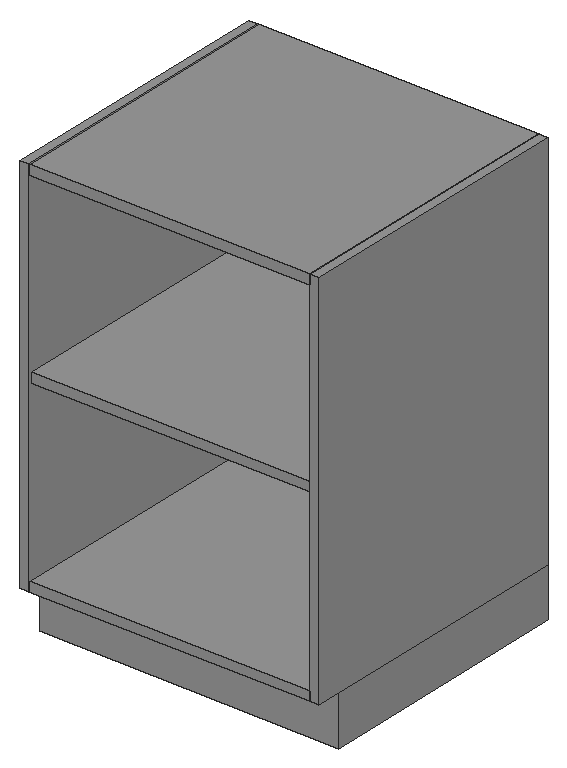
Revit family "TMI - B1050 - Base_Open1", category Casework, Revit 2016
Family settings
  OmniClass Number = 23.40.35.14.11
  OmniClass Title = Modular Casework
  Work Plane-Based = No
  Always vertical = Yes
  Cut with Voids When Loaded = No
  Shared = No
  Room Calculation Point = No
Parameters (values of type "24" x 36" x 23"")
  Vertical [instance] = no
  URL = "www.tmisystems.com"
  Two Shelves [instance] = Shelf Quantity = 2  # no
  Toe Kick Height = 4"
  Toe Kick Depth = 2"
  Three Shelves [instance] = Shelf Quantity = 3  # no
  Shelf Thickness = 3/4"
  Shelf Quantity [instance] = 1
  One Vertical [instance] = Vertical  # no
  One Shelf [instance] = Shelf Quantity = 1  # yes
  Model = "B1050"
  Manufacturer = "TMI Systems Corporation"
  Interior Finish = none
  Filler Width (Left) [instance] = 3"
  Filler Right [instance] = no
  Filler Left [instance] = no
  Filler Width (Right) [instance] = 3"
  Description = "Base, Open, Adj. Shelf"
  Depth = 23"
  Height = Countertop Height - Countertop Thickness  # 34 3/4"
  Width = 24"
  Countertop Thickness = 1 1/4"
  Countertop Height = 36"
  Casework Thickness = 3/4"
  Casework Back Thickness = 1/4"
  Cabinet Finish = Plastic Laminate
  Assembly Code = ""
Types (9): name | Width
  24" x 36" x 23" | 24"
  27" x 36" x 23" | 27"
  30" x 36" x 23" | 30"
  33" x 36" x 23" | 33"
  36" x 36" x 23" | 36"
  21" x 36" x 23" | 21"
  18" x 36" x 23" | 18"
  15" x 36" x 23" | 15"
  12" x 36" x 23" | 12"
Reference planes (in)
  plane 1 "Back": y = -1
  plane 2: z = 0
  plane 3 "Center (Left/Right)": x = 0.7377
  plane 4 "Left": x = -11.2623
  plane 5 "Right": x = 12.7377
  plane 6 "Front": y = -24
  plane 7 "Top": z = 34.75
  plane 8: y = -2
  plane 9: x = -10.5123
  plane 10: x = 11.9877
  plane 11: z = 34
  plane 12: x = -14.2623
  plane 13: x = 15.7377
  plane 14: y = -1.75
  plane 15: y = -22
  plane 16: z = 4
  plane 17: z = 4.75
  plane 18: z = 8.75
  plane 19: z = 30
  plane 20: x = 0.3627
  plane 21: x = 1.1127
  plane 22: z = 19
  plane 23: z = 27.25
  plane 24: z = 11.5
  plane 25: z = 12.25
  plane 26: z = 19.75
  plane 27: z = 26.5
  plane 28: z = 24.75
  plane 29: z = 14.75
  plane 30: z = 14
  plane 31: z = 24
  plane 32: y = -23.25
  plane 33: y = -23.875
  plane 34: y = -22.875
  plane 35: y = -21.25
Forms (in)
  Extrusion 1, solid, material "Plastic Laminate" <- "Cabinet Finish"
    sketch origin (0, 0.21844, 0) x (1, 0, 0) y (0, 1, 0)
      loop
        line (-11.2623, -1.21844) -> (-11.2623, -24.21844) -> (-10.5123, -24.21844) -> (-10.5123, -1.21844) -> (-11.2623, -1.21844)
      loop
        line (11.9877, -1.21844) -> (11.9877, -24.21844) -> (12.7377, -24.21844) -> (12.7377, -1.21844) -> (11.9877, -1.21844)
    from 4 to 34.75
  Extrusion 2, solid, material "Plastic Laminate" <- "Cabinet Finish"
    sketch origin (0.05747, 11.94613, 0) x (1, 0, 0) y (0, 0, 1)
      loop
        line (-10.56976, 4.75) -> (-10.56976, 4) -> (11.93024, 4) -> (11.93024, 4.75) -> (-10.56976, 4.75)
      loop
        line (-10.56976, 34.75) -> (-10.56976, 34) -> (11.93024, 34) -> (11.93024, 34.75) -> (-10.56976, 34.75)
    from 12.94613 to 35.94613
  Extrusion 3, solid, material "Plastic Laminate" <- "Cabinet Finish"
    sketch origin (0, 0, 0) x (1, 0, 0) y (0, 1, 0)
      loop
        line (-10.5123, -1.75) -> (-10.5123, -2) -> (11.9877, -2) -> (11.9877, -1.75) -> (-10.5123, -1.75)
    from 34.379 to 4.37931
  Extrusion 4, solid, material "Plastic Laminate" <- "Cabinet Finish", visible <- "Filler Right"
    sketch origin (0, -24, 0) x (1, 0, 0) y (0, 0, 1)
      loop
        line (12.7377, 34.75) -> (12.7377, 4) -> (15.7377, 4) -> (15.7377, 34.75) -> (12.7377, 34.75)
    from -0.75 to 0
  Extrusion 5, solid, material "Plastic Laminate" <- "Cabinet Finish", visible <- "Filler Left"
    sketch origin (0, -24, 0) x (1, 0, 0) y (0, 0, 1)
      loop
        line (-14.2623, 34.75) -> (-14.2623, 4) -> (-11.2623, 4) -> (-11.2623, 34.75) -> (-14.2623, 34.75)
    from -0.75 to 0
  Extrusion 6, solid, material "Wood"
    sketch origin (-11.2623, 0, 0) x (0, -1, 0) y (0, 0, 1)
      loop
        line (1, 34) -> (1, 30) -> (1.75, 30) -> (1.75, 34) -> (1, 34)
      loop
        line (1, 8.75) -> (1, 4.75) -> (1.75, 4.75) -> (1.75, 8.75) -> (1, 8.75)
    from -23.25 to -0.75
  Extrusion 7, solid, material "Wood"
    sketch origin (0, 0, 0) x (1, 0, 0) y (0, 0, 1)
      loop
        line (12.7377, 4) -> (-11.2623, 4) -> (-11.2623, 0) -> (12.7377, 0) -> (12.7377, 4)
    from 1 to 22
  Extrusion 8, solid, material "Wood", visible <- "Filler Right"
    sketch origin (0, 0, 0) x (1, 0, 0) y (0, 0, 1)
      loop
        line (15.7377, 4) -> (12.7377, 4) -> (12.7377, 0) -> (15.7377, 0) -> (15.7377, 4)
    from 21.25 to 22
  Extrusion 9, solid, material "Wood", visible <- "Filler Left"
    sketch origin (0, 0, 0) x (1, 0, 0) y (0, 0, 1)
      loop
        line (-11.2623, 4) -> (-14.2623, 4) -> (-14.2623, 0) -> (-11.2623, 0) -> (-11.2623, 4)
    from 21.25 to 22
  Extrusion 10, solid, material "Plastic Laminate" <- "Cabinet Finish", visible <- "Three Shelves"
    sketch origin (0, -24, 0) x (1, 0, 0) y (0, 0, 1)
      loop
        line (-10.5123, 27.25) -> (-10.5123, 26.5) -> (11.9877, 26.5) -> (11.9877, 27.25) -> (-10.5123, 27.25)
      loop
        line (-10.5123, 19.75) -> (-10.5123, 19) -> (11.9877, 19) -> (11.9877, 19.75) -> (-10.5123, 19.75)
      loop
        line (-10.5123, 12.25) -> (-10.5123, 11.5) -> (11.9877, 11.5) -> (11.9877, 12.25) -> (-10.5123, 12.25)
    from -22 to -0.125
  Extrusion 11, solid, material "Plastic Laminate" <- "Cabinet Finish", visible <- "Two Shelves"
    sketch origin (0, -24, 0) x (1, 0, 0) y (0, 0, 1)
      loop
        line (-10.5123, 24.75) -> (-10.5123, 24) -> (11.9877, 24) -> (11.9877, 24.75) -> (-10.5123, 24.75)
      loop
        line (-10.5123, 14.75) -> (-10.5123, 14) -> (11.9877, 14) -> (11.9877, 14.75) -> (-10.5123, 14.75)
    from -22 to -0.125
  Extrusion 12, solid, material "Plastic Laminate" <- "Cabinet Finish", visible <- "One Shelf"
    sketch origin (0, -24, 0) x (1, 0, 0) y (0, 0, 1)
      loop
        line (-10.5123, 19.75) -> (-10.5123, 19) -> (11.9877, 19) -> (11.9877, 19.75) -> (-10.5123, 19.75)
    from -22 to -0.125
  Extrusion 13, solid, material "Plastic Laminate" <- "Cabinet Finish", visible <- "One Vertical"
    sketch origin (0, -1, 0) x (1, 0, 0) y (0, 0, 1)
      loop
        line (0.3627, 34) -> (0.3627, 4.75) -> (1.1127, 4.75) -> (1.1127, 34) -> (0.3627, 34)
    from 1 to 23
Lines and regions (in)
  Masking region 1
    outline origin (0, 0, 0) x (1, 0, 0) y (0, 1, 0)
      loop
        line (-11.2623, -1) -> (-11.2623, -24) -> (12.7377, -24) -> (12.7377, -1) -> (-11.2623, -1)
  Masking region 2, visible <- "Filler Left"
    outline origin (0, 0, 0) x (1, 0, 0) y (0, 1, 0)
      loop
        line (-14.2623, -21.25) -> (-14.2623, -24) -> (-11.2623, -24) -> (-11.2623, -21.25) -> (-14.2623, -21.25)
  Masking region 3, visible <- "Filler Right"
    outline origin (0, 0, 0) x (1, 0, 0) y (0, 1, 0)
      loop
        line (12.7377, -21.25) -> (12.7377, -24) -> (15.7377, -24) -> (15.7377, -21.25) -> (12.7377, -21.25)
  symbolic lines, style "CaseworkHiddenLines"
    curve 1: line (0.8002, -24, 0) -> (0.6752, -24, 0)
    curve 14: line (0.6752, -24, 4) -> (0.8002, -24, 4)
  symbolic lines, style "CaseworkHiddenLines", visible <- "Three Shelves"
    curve 2: line (-11.2623, -2, 12.25) -> (-11.2623, -22.375, 12.25)
    curve 3: line (-11.2623, -22.375, 11.5) -> (-11.2623, -2, 11.5)
    curve 4: line (-11.2623, -2.49447, 19.75) -> (-11.2623, -22.375, 19.75)
    curve 5: line (-11.2623, -22.375, 19) -> (-11.2623, -2, 19)
    curve 6: line (-11.2623, -2, 27.25) -> (-11.2623, -22.375, 27.25)
    curve 7: line (-11.2623, -22.375, 26.5) -> (-11.2623, -2, 26.5)
    curve 25: line (-11.2623, -2, 27.25) -> (-11.2623, -23.875, 27.25)
    curve 26: line (-11.2623, -23.875, 27.25) -> (-11.2623, -23.875, 26.5)
    curve 27: line (-11.2623, -23.875, 26.5) -> (-11.2623, -2, 26.5)
    curve 31: line (-11.2623, -2, 19.75) -> (-11.2623, -23.875, 19.75)
    curve 32: line (-11.2623, -23.875, 19.75) -> (-11.2623, -23.875, 19)
    curve 33: line (-11.2623, -23.875, 19) -> (-11.2623, -2, 19)
    curve 37: line (-11.2623, -2, 12.25) -> (-11.2623, -23.875, 12.25)
    curve 38: line (-11.2623, -23.875, 12.25) -> (-11.2623, -23.875, 11.5)
    curve 39: line (-11.2623, -23.875, 11.5) -> (-11.2623, -2, 11.5)
  symbolic lines, style "CaseworkHiddenLines", visible <- "Two Shelves"
    curve 8: line (-11.2623, -2, 14.75) -> (-11.2623, -22.375, 14.75)
    curve 9: line (-11.2623, -22.375, 14) -> (-11.2623, -2, 14)
    curve 10: line (-11.2623, -2, 24.75) -> (-11.2623, -22.375, 24.75)
    curve 11: line (-11.2623, -22.375, 24) -> (-11.2623, -2, 24)
    curve 28: line (-11.2623, -2, 24.75) -> (-11.2623, -23.875, 24.75)
    curve 29: line (-11.2623, -23.875, 24.75) -> (-11.2623, -23.875, 24)
    curve 30: line (-11.2623, -23.875, 24) -> (-11.2623, -2, 24)
    curve 34: line (-11.2623, -2, 14.75) -> (-11.2623, -23.875, 14.75)
    curve 35: line (-11.2623, -23.875, 14.75) -> (-11.2623, -23.875, 14)
    curve 36: line (-11.2623, -23.875, 14) -> (-11.2623, -2, 14)
  symbolic lines, style "CaseworkHiddenLines", visible <- "One Shelf"
    curve 12: line (-11.2623, -2, 19.75) -> (-11.2623, -22.375, 19.75)
    curve 13: line (-11.2623, -22.375, 19) -> (-11.2623, -2, 19)
    curve 40: line (-11.2623, -2, 19.75) -> (-11.2623, -23.875, 19.75)
    curve 41: line (-11.2623, -23.875, 19.75) -> (-11.2623, -23.875, 19)
    curve 42: line (-11.2623, -23.875, 19) -> (-11.2623, -2, 19)
  symbolic lines
    curve 15: line (-11.2623, -1, 34.75) -> (-11.2623, -24, 34.75)
    curve 16: line (-11.2623, -1, 34) -> (-11.2623, -1, 34.75)
    curve 17: line (-11.2623, -24, 34) -> (-11.2623, -2, 34)
    curve 18: line (-11.2623, -24, 34.75) -> (-11.2623, -24, 34)
    curve 19: line (-11.2623, -1, 4.75) -> (-11.2623, -1.75, 4.75)
    curve 20: line (-11.2623, -1, 4) -> (-11.2623, -1, 4.75)
    curve 21: line (-11.2623, -24, 4) -> (-11.2623, -1, 4)
    curve 22: line (-11.2623, -24, 4.75) -> (-11.2623, -24, 4)
    curve 23: line (-11.2623, -1.75, 34) -> (-11.2623, -1, 34)
    curve 24: line (-11.2623, -2, 4.75) -> (-11.2623, -24, 4.75)
Dimensions and locks (in)
  "Width": plane 4 "Left" to plane 5 "Right"
  equal spacing: plane 4 "Left", plane 3 "Center (Left/Right)", plane 5 "Right"  (x2)
  "Casework Thickness": plane 4 "Left" to plane 9
  "Casework Thickness": plane 10 to plane 5 "Right"
  "Casework Thickness": plane 7 "Top" to plane 11
  "Filler Width (Right)": plane 5 "Right" to plane 13
  "Filler Width (Left)": plane 12 to plane 4 "Left"
  "Shelf Thickness": curve 2 to curve 3
  "Shelf Thickness": curve 4 to curve 5
  "Shelf Thickness": curve 6 to curve 7
  "Shelf Thickness": curve 8 to curve 9
  "Shelf Thickness": curve 10 to curve 11
  "Shelf Thickness": curve 12 to curve 13
  "Depth": plane 6 "Front" to plane 1 "Back"
  "Casework Back Thickness": plane 14 to plane 8
  locked: plane 14 to plane 1 "Back" at 0.75
  "Toe Kick Height": plane 16 to level
  "Casework Thickness": plane 17 to plane 16
  "Height": plane 7 "Top" to level
  locked: plane 19 to plane 11 at 4
  locked: plane 17 to plane 18 at 4
  equal spacing: plane 17, curve 12, plane 7 "Top"
  equal spacing: plane 17, curve 8, curve 10, plane 7 "Top"
  equal spacing: plane 17, curve 2, curve 4, curve 6, plane 7 "Top"
  locked: plane 11 to Extrusion 3 at 0.379
  locked: plane 17 to Extrusion 3 at 0.37069
  "Toe Kick Depth": plane 6 "Front" to plane 15
  equal spacing: plane 21, plane 3 "Center (Left/Right)", plane 20
  "Casework Thickness": plane 21 to plane 20
  equal spacing: plane 7 "Top", plane 23, plane 26, plane 25, plane 17
  "Shelf Thickness": plane 23 to plane 27
  "Shelf Thickness": plane 26 to plane 22
  "Shelf Thickness": plane 25 to plane 24
  "Shelf Thickness": plane 28 to plane 31
  "Shelf Thickness": plane 29 to plane 30
  equal spacing: plane 7 "Top", plane 28, plane 29, plane 17
  plane 4 "Left" to plane 5 "Right" = 24"
  plane 33 to plane 6 "Front" = 1/8"
  plane 34 to plane 33 = 1"
  locked: plane 35 to plane 15 at 0.75
  locked: plane 6 "Front" to plane 32 at 0.75
  aligned and locked: plane 2 to level
  aligned and locked: Extrusion 1 sketch curve to plane 4 "Left"
  aligned and locked: Extrusion 1 sketch curve to plane 9
  aligned and locked: Extrusion 1 sketch curve to plane 10
  aligned and locked: plane 5 "Right" to Extrusion 1 sketch curve
  aligned and locked: plane 7 "Top" to Extrusion 2 sketch curve
  aligned and locked: Extrusion 2 sketch curve to plane 11
  aligned and locked: Extrusion 1 to plane 1 "Back"  (x2)
  aligned and locked: plane 10 to Extrusion 3 sketch curve
  aligned and locked: plane 9 to Extrusion 3 sketch curve
  aligned and locked: plane 8 to Extrusion 3 sketch curve
  aligned and locked: plane 7 "Top" to Extrusion 4 sketch curve
  aligned and locked: Extrusion 4 sketch curve to plane 13
  aligned and locked: Extrusion 4 sketch curve to plane 5 "Right"
  aligned and locked: plane 7 "Top" to Extrusion 5 sketch curve
  aligned and locked: plane 12 to Extrusion 5 sketch curve
  aligned and locked: plane 14 to Extrusion 3
  aligned and locked: plane 8 to curve 9
  aligned and locked: plane 8 to curve 8
  aligned and locked: plane 8 to curve 3
  aligned and locked: plane 8 to curve 2
  aligned and locked: plane 8 to curve 5
  aligned and locked: plane 8 to curve 10
  aligned and locked: plane 8 to curve 11
  aligned and locked: plane 14 to Extrusion 6 sketch curve  (x2)
  aligned and locked: plane 1 "Back" to Extrusion 6 sketch curve  (x2)
  aligned and locked: plane 11 to Extrusion 6 sketch curve
  aligned and locked: Extrusion 6 to plane 9
  aligned and locked: Extrusion 6 to plane 10
  aligned and locked: Extrusion 8 to Extrusion 7
  aligned and locked: Extrusion 9 to Extrusion 7
  aligned and locked: plane 16 to Extrusion 9
  aligned and locked: plane 16 to Extrusion 7
  aligned and locked: plane 16 to Extrusion 8
  aligned and locked: Extrusion 4 to plane 16
  aligned and locked: Extrusion 5 to plane 16
  aligned and locked: Extrusion 1 to plane 16
  aligned and locked: Extrusion 2 to plane 16
  aligned and locked: plane 17 to Extrusion 2
  aligned and locked: plane 19 to Extrusion 6
  aligned and locked: Extrusion 1 to Extrusion 2
  aligned and locked: Extrusion 7 to Extrusion 1
  aligned and locked: Extrusion 6 to plane 18
  aligned and locked: Extrusion 6 to plane 17
  aligned and locked: Masking region 1 sketch curve to plane 4 "Left"
  aligned and locked: plane 1 "Back" to Masking region 1 sketch curve
  aligned and locked: plane 5 "Right" to Masking region 1 sketch curve
  aligned and locked: Extrusion 1 to plane 7 "Top"
  aligned and locked: plane 1 "Back" to curve 20
  aligned and locked: curve 19 to plane 17
  aligned and locked: plane 16 to curve 21
  aligned and locked: plane 1 "Back" to curve 16
  aligned and locked: curve 17 to plane 11
  aligned and locked: plane 7 "Top" to curve 15
  aligned and locked: curve 23 to Extrusion 3
  aligned and locked: curve 24 to plane 17
  aligned and locked: Extrusion 8 to plane 15
  aligned and locked: plane 27 to Extrusion 10 sketch curve
  aligned and locked: Extrusion 10 sketch curve to plane 23
  aligned and locked: Extrusion 10 sketch curve to plane 25
  aligned and locked: Extrusion 10 sketch curve to plane 24
  aligned and locked: plane 22 to Extrusion 10 sketch curve
  aligned and locked: plane 26 to Extrusion 10 sketch curve
  aligned and locked: plane 9 to Extrusion 10 sketch curve
  aligned and locked: plane 10 to Extrusion 10 sketch curve  (x3)
  aligned and locked: plane 8 to Extrusion 10
  aligned and locked: Extrusion 11 sketch curve to plane 28
  aligned and locked: plane 31 to Extrusion 11 sketch curve
  aligned and locked: plane 30 to Extrusion 11 sketch curve
  aligned and locked: Extrusion 11 sketch curve to plane 29
  aligned and locked: plane 10 to Extrusion 11 sketch curve  (x2)
  aligned and locked: plane 8 to Extrusion 11
  aligned and locked: Extrusion 1 to Extrusion 10 sketch curve
  aligned and locked: Extrusion 10 sketch curve to plane 9
  aligned and locked: plane 9 to Extrusion 11 sketch curve  (x2)
  aligned and locked: plane 26 to Extrusion 12 sketch curve
  aligned and locked: plane 22 to Extrusion 12 sketch curve
  aligned and locked: plane 10 to Extrusion 12 sketch curve
  aligned and locked: plane 9 to Extrusion 12 sketch curve
  aligned and locked: plane 8 to Extrusion 12
  aligned and locked: plane 11 to Extrusion 13 sketch curve
  aligned and locked: plane 21 to Extrusion 13 sketch curve
  aligned and locked: plane 20 to Extrusion 13 sketch curve
  aligned and locked: plane 17 to Extrusion 13 sketch curve
  aligned and locked: plane 8 to Extrusion 13
  aligned and locked: plane 4 "Left" to Masking region 2 sketch curve
  aligned and locked: plane 12 to Masking region 2 sketch curve
  aligned and locked: Masking region 3 sketch curve to plane 5 "Right"
  aligned and locked: Masking region 3 sketch curve to plane 13
  aligned and locked: plane 6 "Front" to Extrusion 2
  aligned and locked: plane 6 "Front" to Extrusion 1  (x2)
  aligned and locked: plane 6 "Front" to Extrusion 13
  aligned and locked: plane 33 to Extrusion 10
  aligned and locked: plane 33 to Extrusion 11
  aligned and locked: plane 33 to Extrusion 12
  aligned and locked: plane 6 "Front" to Masking region 1
  aligned and locked: plane 6 "Front" to Extrusion 4
  aligned and locked: plane 6 "Front" to Extrusion 5
  aligned and locked: curve 27 to plane 27
  aligned and locked: plane 23 to curve 25
  aligned and locked: plane 26 to curve 31
  aligned and locked: curve 34 to plane 29
  aligned and locked: plane 30 to curve 36
  aligned and locked: curve 37 to plane 25
  aligned and locked: curve 39 to plane 24
  aligned and locked: plane 31 to curve 30
  aligned and locked: curve 28 to plane 28
  aligned and locked: curve 26 to plane 33
  aligned and locked: curve 29 to plane 33
  aligned and locked: curve 32 to plane 33
  aligned and locked: curve 35 to plane 33
  aligned and locked: curve 38 to plane 33
  aligned and locked: plane 8 to curve 27
  aligned and locked: plane 8 to curve 25
  aligned and locked: plane 8 to curve 28
  aligned and locked: plane 8 to curve 30
  aligned and locked: plane 8 to curve 31
  aligned and locked: plane 8 to curve 33
  aligned and locked: plane 8 to curve 34
  aligned and locked: plane 8 to curve 36
  aligned and locked: plane 8 to curve 37
  aligned and locked: plane 8 to curve 39
  aligned and locked: plane 26 to curve 40
  aligned and locked: plane 8 to curve 40
  aligned and locked: plane 8 to curve 42
  aligned and locked: plane 22 to curve 42
  aligned and locked: curve 18 to plane 6 "Front"
  aligned and locked: curve 22 to plane 6 "Front"
  aligned and locked: plane 35 to Masking region 3
  aligned and locked: plane 35 to Masking region 2
  aligned and locked: plane 35 to Extrusion 8
  aligned and locked: plane 35 to Extrusion 9
  aligned and locked: plane 32 to Extrusion 4
  aligned and locked: plane 32 to Extrusion 5
  aligned and locked: plane 6 "Front" to Masking region 3
  aligned and locked: plane 6 "Front" to Masking region 2
Automatic sketch dimensions
  plane 1 "Back" to Extrusion 1 sketch curve = 0"  (x2)
  Extrusion 2 sketch curve to plane 9 = 0"  (x2)
  plane 10 to Extrusion 2 sketch curve = 0"  (x2)
  Extrusion 2 sketch curve to plane 16 = 0"
  Extrusion 2 sketch curve to plane 17 = 0"
  Extrusion 3 sketch curve to plane 14 = 0"
  Extrusion 4 sketch curve to plane 16 = 0"
  Extrusion 5 sketch curve to plane 16 = 0"
  Extrusion 6 sketch curve to plane 17 = 0"
  plane 18 to Extrusion 6 sketch curve = 0"
  plane 19 to Extrusion 6 sketch curve = 0"
  plane 4 "Left" to Extrusion 7 sketch curve = 0"
  Extrusion 7 sketch curve to level = 0"
  plane 5 "Right" to Extrusion 7 sketch curve = 0"
  Extrusion 7 sketch curve to plane 16 = 0"
  plane 5 "Right" to Extrusion 8 sketch curve = 0"
  Extrusion 8 sketch curve to level = 0"
  Extrusion 8 sketch curve to plane 13 = 0"
  Extrusion 8 sketch curve to plane 16 = 0"
  Extrusion 9 sketch curve to plane 12 = 0"
  Extrusion 9 sketch curve to level = 0"
  plane 4 "Left" to Extrusion 9 sketch curve = 0"
  Extrusion 9 sketch curve to plane 16 = 0"
  curve 1 to level = 0"
  plane 4 "Left" to Extrusion 5 sketch curve = 0"
  Extrusion 1 sketch curve to plane 6 "Front" = 0"  (x2)
  plane 3 "Center (Left/Right)" to curve 1 = 1/16"
  curve 14 to plane 3 "Center (Left/Right)" = 1/16"
  curve 1 to plane 3 "Center (Left/Right)" = 1/16"
  curve 14 to plane 16 = 0"
  plane 3 "Center (Left/Right)" to curve 14 = 1/16"
  Masking region 1 sketch curve to plane 6 "Front" = 0"
  Masking region 3 sketch curve to plane 32 = 3/4"
  Masking region 2 sketch curve to plane 32 = 3/4"
  curve 19 to plane 14 = 0"
  curve 7 to plane 8 = 0"
  curve 24 to plane 8 = 0"
  curve 12 to plane 8 = 0"
  curve 6 to plane 8 = 0"
  curve 17 to plane 8 = 0"
  plane 11 to curve 16 = 0"
  curve 31 to curve 4 = 0.49447"
  curve 3 to plane 15 = 3/8"
  curve 6 to plane 15 = 3/8"
  curve 4 to plane 15 = 3/8"
  curve 5 to plane 15 = 3/8"
  curve 7 to plane 15 = 3/8"
  curve 2 to plane 15 = 3/8"
  curve 13 to curve 5 = 0"
  curve 12 to curve 4 = 0"
  curve 11 to plane 15 = 3/8"
  curve 8 to plane 15 = 3/8"
  curve 10 to plane 15 = 3/8"
  curve 9 to plane 15 = 3/8"
  plane 1 "Back" to Masking region 2 sketch curve = 20 1/4"
  plane 1 "Back" to Masking region 3 sketch curve = 20 1/4"
